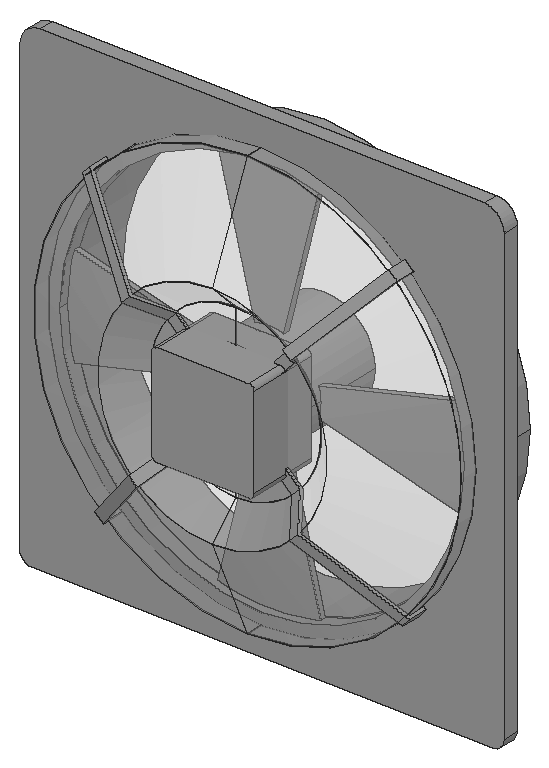
Revit family "BIMLIB_ВытяжныеОсевыеВентиляторы_Приток_AXW_SHUFT", category Воздухораспределители, Revit 2017
Family settings
  Размер круглого соединителя = Использовать диаметр
  Тип детали = Нормальный
  На основе рабочей плоскости = Нет
  Всегда вертикально = Да
  При загрузке вырезать с полостями = Нет
  Общий = Нет
  Точка расчета площади = Нет
Parameters (values of type "AXW 760-6D 0.9кВт")
  Сетка 3 = yes
  Сетка 2 = no
  Сетка 1 = no
  Повернуть УГО [instance] = yes
  Описание = "Все вентиляторы серии AXW оснащены квадратной монтажной пластиной, кроме типоразмеров 300 и 360. Детали вентиляторов стандартно окрашены в черный цвет. Двигатель с внешним ротором и встроенными термоконтактами. Рабочее колесо металлическое, установлено методом напрессовки непосредственно на ротор электродвигателя. Электродвигатель с рабочим колесом статически и динамически сбалансированы в двух плоскостях. Шариковые подшипники двигателя не требуют техобслуживания. Двигатель и клеммная коробка имеют степень защиты IP44. Регулирование скорости вентиляторов осуществляется путем изменения напряжения за счет использования пятиступенчатых трансформаторов TRE-T или однофазных плавных регуляторов скорости SRE. К одному регулятору можно подключить несколько вентиляторов при условии, что общий ток вентиляторов не превышает номинальный ток регулятора."
  Материал сетки = BIMLIB_Сетка_SHUFT
  Климатическое исполнение = "У2"  # constant formula
  Изготовитель = "ООО «Завод ВКО» марка SHUFT"  # constant formula
  r3 = D3 / 2  # 90 mm
  r2 = D2 / 2  # 361 mm
  r1 = D1 / 2  # 355 mm
  Watermark [instance] = "Модели защищены уникальным кодом"
  URL = "http://www.shuft.ru/"
  N = 315 mm
  IP Двигателя = "IP54"  # constant formula
  G = 20 mm
  F = r2 + 5 mm  # 366 mm
  E = 130 mm
  D3 = 180 mm
  D2 = 722 mm
  D1 = 710 mm
  C = 135 mm
  BL_Разработано = "support@bimlib.pro"  # constant formula
  BL_Email = "bimmodels@rusklimat.ru"  # constant formula
  BL_BIM library = "https://bimlib.pro/manufacturer/company/23829"
  B = 27 mm
  ADSK_Частота вращения вентилятора = 900
  ADSK_Ток = 1.9 A
  ADSK_Расход воздуха [instance] = 0.0 L/s
  ADSK_Размер_Диаметр = 760 mm
  ADSK_Примечание [instance] = ""
  ADSK_Потеря давления воздуха [instance] = 0.0 Pa
  ADSK_Полная мощность = ADSK_Номинальная мощность / ADSK_Коэффициент мощности  # 0.9 kW
  ADSK_Позиция = ""
  ADSK_Обозначение = ""
  ADSK_Номинальная мощность = 0.9 kW
  ADSK_Напряжение = 400 V
  ADSK_Наименование = "Вытяжной осевой вентилятор AXW 760-6D"
  ADSK_Материал = BIMLIB_Сталь_SHUFT
  ADSK_Масса = 40
  ADSK_Марка = "AXW 760-6D"
  ADSK_Коэффициент мощности = 1
  ADSK_Количество фаз = 3
  ADSK_Код изделия = ADSK_Марка  # "AXW 760-6D"
  ADSK_Классификация нагрузок = Прочее
  ADSK_Завод-изготовитель = "ООО «Завод ВКО» марка SHUFT"  # constant formula
  ADSK_Единица измерения = "шт."  # constant formula
  ADSK_Версия семейства = "v.1"  # constant formula
  ADSK_Версия Revit = "2017"  # constant formula
  ADSK_URL страницы изделия = "http://www.shuft.ru/catalog/1/200/3001/4013/"
  ADSK_URL документации изделия = "http://www.shuft.ru/upload/downloads/Rucovodstvo_AXW.pdf"
  A = 850 mm
Types (10, lengths in mm): name | Сетка 3 | Сетка 2 | Сетка 1 | r3 | r2 | r1 | N | G | F | E | D3 | D2 | D1 | C | B | ADSK_Частота вращения вентилятора | ADSK_Ток | ADSK_Размер_Диаметр | ADSK_Полная мощность | ADSK_Номинальная мощность | ADSK_Напряжение | ADSK_Наименование | ADSK_Масса | ADSK_Марка | ADSK_Количество фаз | ADSK_Код изделия | A
  AXW 200-2E | no | no | yes | 46 | 105 | 101.5 | 274.079 | 25 | 110 | 60 | 92 | 210 | 203 | 68 | 15 | 2700 | 0.25 A | 200 | 0.055 kW | 0.055 kW | 230 V | "Вытяжной осевой вентилятор AXW 200-2E" | 3.3 | "AXW 200-2E" | 1 | "AXW 200-2E" | 310
  AXW 250-2E | no | no | yes | 46 | 140 | 130 | 274.079 | 25 | 145 | 60 | 92 | 280 | 260 | 90 | 15 | 2500 | 0.42 A | 250 | 0.09 kW | 0.09 kW | 230 V | "Вытяжной осевой вентилятор AXW 250-2E" | 3.5 | "AXW 250-2E" | 1 | "AXW 250-2E" | 370
  AXW 300-2E | no | no | yes | 46 | 167.5 | 157.5 | 274.079 | 25 | 172.5 | 60 | 92 | 335 | 315 | 90 | 15 | 1530 | 0.4 A | 300 | 0.075 kW | 0.075 kW | 230 V | "Вытяжной осевой вентилятор AXW 300-2E" | 4 | "AXW 300-2E" | 1 | "AXW 300-2E" | 430
  AXW 350-4E | no | yes | no | 51 | 190 | 180 | 165 | 10 | 195 | 60 | 102 | 380 | 360 | 110 | 15 | 1370 | 0.65 A | 350 | 0.129 kW | 0.129 kW | 230 V | "Вытяжной осевой вентилятор AXW 350-4E" | 6 | "AXW 350-4E" | 1 | "AXW 350-4E" | 485
  AXW 400-4E | no | yes | no | 51 | 215 | 205 | 200 | 20 | 220 | 60 | 102 | 430 | 410 | 110 | 15 | 1350 | 0.82 A | 400 | 0.18 kW | 0.18 kW | 230 V | "Вытяжной осевой вентилятор AXW 400-4E" | 7 | "AXW 400-4E" | 1 | "AXW 400-4E" | 540
  AXW 450-4E | no | yes | no | 51 | 240 | 230 | 225 | 20 | 245 | 60 | 102 | 480 | 460 | 110 | 15 | 1380 | 1.15 A | 450 | 0.25 kW | 0.25 kW | 230 V | "Вытяжной осевой вентилятор AXW 450-4E" | 9 | "AXW 450-4E" | 1 | "AXW 450-4E" | 575
  AXW 630-4D | no | yes | no | 68.5 | 330 | 320 | 315 | 20 | 335 | 60 | 137 | 660 | 640 | 125 | 15 | 1365 | 1.6 A | 630 | 0.8 kW | 0.8 kW | 400 V | "Вытяжной осевой вентилятор AXW 630-4D" | 17 | "AXW 630-4D" | 3 | "AXW 630-4D" | 805
  AXW 760-6D 0.9кВт | yes | no | no | 90 | 361 | 355 | 315 | 20 | 366 | 130 | 180 | 722 | 710 | 135 | 27 | 900 | 1.9 A | 760 | 0.9 kW | 0.9 kW | 400 V | "Вытяжной осевой вентилятор AXW 760-6D" | 40 | "AXW 760-6D" | 3 | "AXW 760-6D" | 850
  AXW 760-6D 0.65кВТ | yes | no | no | 90 | 361 | 355 | 315 | 20 | 366 | 130 | 180 | 722 | 710 | 135 | 27 | 760 | 1.15 A | 760 | 0.65 kW | 0.65 kW | 400 V | "Вытяжной осевой вентилятор AXW 760-6D" | 40 | "AXW 760-6D" | 3 | "AXW 760-6D" | 850
  AXW 550-4D | no | yes | no | 68.5 | 292.5 | 282.5 | 274.079 | 20 | 297.5 | 60 | 137 | 585 | 565 | 115 | 15 | 1300 | 1.2 A | 550 | 0.6 kW | 0.6 kW | 400 V | "Вытяжной осевой вентилятор AXW 550-4D" | 13 | "AXW 550-4D" | 3 | "AXW 550-4D" | 725
Reference planes
  plane 1 "По центру (Вперед/Назад)": y = 0
  plane 2: z = 0
  plane 3 "По центру (Влево/Вправо)": x = 0
  plane 4: x = 425
  plane 5: x = -425
  plane 6: z = 425
  plane 7: z = -425
  plane 8: y = 27
  plane 9: y = 135
  plane 10: y = -130
  plane 11: x = -90
  plane 12: x = 90
  plane 13: z = 90
  plane 14: z = -90
  plane 15: y = -5
  plane 16: y = 37
  plane 17: y = -35
  plane 18: z = 361
  plane 19: z = 381
  plane 20: y = -115
  plane 21: y = -115
  plane 22: y = -115
  plane 23: y = -115
Forms (mm)
  Extrusion 1, solid, material "BIMLIB_Сталь_SHUFT" <- "ADSK_Материал", detail levels medium+fine
    sketch origin (0, 0, 0) x (1, 0, 0) y (0, 0, 1)
      loop
        arc (-389.609, 425) -> (-414.634, 414.634) -> (-425, 389.609) r 35.391
        line (-425, 389.609) -> (-425, -405)
        arc (-425, -405) -> (-419.142, -419.142) -> (-405, -425) r 20
        line (-405, -425) -> (405, -425)
        arc (405, -425) -> (419.142, -419.142) -> (425, -405) r 20
        line (425, -405) -> (425, 389.609)
        arc (425, 389.609) -> (414.634, 414.634) -> (389.609, 425) r 35.391
        line (389.609, 425) -> (-389.609, 425)
      loop
        circle (0, 0) r 355
    from -27 to 0
  Extrusion 2, solid, material "BIMLIB_Сталь_SHUFT" <- "ADSK_Материал", detail levels medium+fine
    sketch origin (0, 0, 0) x (1, 0, 0) y (0, 0, 1)
      loop
        circle (0, 0) r 361
      loop
        circle (0, 0) r 355
    from -135 to -27
  Extrusion 3, solid, material "BIMLIB_Сталь_SHUFT" <- "ADSK_Материал", detail levels medium+fine
    sketch origin (0, 0, 0) x (1, 0, 0) y (0, 0, 1)
      loop
        circle (0, 0) r 90
    from -135 to 5
  Extrusion 4, solid, material "BIMLIB_Сталь_SHUFT" <- "ADSK_Материал", detail levels fine
    sketch origin (0, 0, 0) x (1, 0, 0) y (0, 0, 1)
      loop
        arc (-80, 90) -> (-87.071, 87.071) -> (-90, 80) r 10
        line (-90, 80) -> (-90, -80)
        arc (-90, -80) -> (-87.071, -87.071) -> (-80, -90) r 10
        line (-80, -90) -> (80, -90)
        arc (80, -90) -> (87.071, -87.071) -> (90, -80) r 10
        line (90, -80) -> (90, 80)
        arc (90, 80) -> (87.071, 87.071) -> (80, 90) r 10
        line (80, 90) -> (-80, 90)
    from 5 to 130
  Extrusion 5, solid, material "BIMLIB_Сталь_SHUFT" <- "ADSK_Материал", visible <- "Сетка 1", detail levels fine
    sketch origin (0, 0, 0) x (0.707107, 0, 0.707107) y (-0.707107, 0, 0.707107)
      loop
        line (5, 0) -> (5, 362.962)
        arc (5, 362.962) -> (0, 367.962) -> (-5, 362.962) r 5
        line (-5, 362.962) -> (-5, 0) -> (5, 0)
      loop
        line (3.75, 1.962) -> (3.75, 362.229)
        arc (3.75, 362.229) -> (0, 365.979) -> (-3.75, 362.229) r 3.75
        line (-3.75, 362.229) -> (-3.75, 1.962) -> (3.75, 1.962)
    from 0 to 5
  Extrusion 6, solid, material "BIMLIB_Сталь_SHUFT" <- "ADSK_Материал", visible <- "Сетка 1", detail levels fine
    sketch origin (0, 0, 0) x (0.707107, 0, -0.707107) y (0.707107, 0, 0.707107)
      loop
        line (5, 0) -> (5, 362.962)
        arc (5, 362.962) -> (0, 367.962) -> (-5, 362.962) r 5
        line (-5, 362.962) -> (-5, 0) -> (5, 0)
      loop
        line (3.75, 1.962) -> (3.75, 362.229)
        arc (3.75, 362.229) -> (0, 365.979) -> (-3.75, 362.229) r 3.75
        line (-3.75, 362.229) -> (-3.75, 1.962) -> (3.75, 1.962)
    from 0 to 5
  Extrusion 7, solid, material "BIMLIB_Сталь_SHUFT" <- "ADSK_Материал", visible <- "Сетка 1", detail levels fine
    sketch origin (0, 0, 0) x (-0.707107, 0, 0.707107) y (-0.707107, 0, -0.707107)
      loop
        line (5, 0) -> (5, 362.962)
        arc (5, 362.962) -> (0, 367.962) -> (-5, 362.962) r 5
        line (-5, 362.962) -> (-5, 0) -> (5, 0)
      loop
        line (3.75, 1.962) -> (3.75, 362.229)
        arc (3.75, 362.229) -> (0, 365.979) -> (-3.75, 362.229) r 3.75
        line (-3.75, 362.229) -> (-3.75, 1.962) -> (3.75, 1.962)
    from 0 to 5
  Extrusion 8, solid, material "BIMLIB_Сталь_SHUFT" <- "ADSK_Материал", visible <- "Сетка 1", detail levels fine
    sketch origin (0, 0, 0) x (-0.707107, 0, -0.707107) y (0.707107, 0, -0.707107)
      loop
        line (5, 0) -> (5, 362.962)
        arc (5, 362.962) -> (0, 367.962) -> (-5, 362.962) r 5
        line (-5, 362.962) -> (-5, 0) -> (5, 0)
      loop
        line (3.75, 1.962) -> (3.75, 362.229)
        arc (3.75, 362.229) -> (0, 365.979) -> (-3.75, 362.229) r 3.75
        line (-3.75, 362.229) -> (-3.75, 1.962) -> (3.75, 1.962)
    from 0 to 5
  Extrusion 9, solid, material "BIMLIB_Сетка_SHUFT" <- "Материал сетки", visible <- "Сетка 1", detail levels medium+fine
    sketch origin (0, 0, 0) x (1, 0, 0) y (0, 0, 1)
      loop
        circle (0, 0) r 355
    from -4.007 to 0
  Extrusion 10, solid, material "BIMLIB_Сталь_SHUFT" <- "ADSK_Материал", visible <- "Сетка 2", detail levels fine
    sketch origin (0.91, 0, -0.91) x (0, 1, 0) y (-0.707107, 0, 0.707107)
      loop
        line (-5, 51) -> (0, 51) -> (0, 58.071) -> (-30, 88.071) -> (-30, 91) -> (-30, 351) -> (0, 351) -> (0, 366) -> (-5, 366) -> (-5, 356) -> (-35, 356) -> (-35, 86) -> (-5, 56) -> (-5, 51)
    from -10 to 10
  Extrusion 11, solid, material "BIMLIB_Сталь_SHUFT" <- "ADSK_Материал", visible <- "Сетка 2", detail levels fine
    sketch origin (0, 0, 0) x (0, 1, 0) y (-0.707107, 0, -0.707107)
      loop
        line (-5, 51) -> (0, 51) -> (0, 58.071) -> (-30, 88.071) -> (-30, 91) -> (-30, 351) -> (0, 351) -> (0, 366) -> (-5, 366) -> (-5, 356) -> (-35, 356) -> (-35, 86) -> (-5, 56) -> (-5, 51)
    from -10 to 10
  Extrusion 12, solid, material "BIMLIB_Сталь_SHUFT" <- "ADSK_Материал", visible <- "Сетка 2", detail levels fine
    sketch origin (0, 0, 0) x (0, 1, 0) y (0.707107, 0, 0.707107)
      loop
        line (-5, 51) -> (0, 51) -> (0, 58.071) -> (-30, 88.071) -> (-30, 91) -> (-30, 351) -> (0, 351) -> (0, 366) -> (-5, 366) -> (-5, 356) -> (-35, 356) -> (-35, 86) -> (-5, 56) -> (-5, 51)
    from -10 to 10
  Extrusion 13, solid, material "BIMLIB_Сталь_SHUFT" <- "ADSK_Материал", visible <- "Сетка 2", detail levels fine
    sketch origin (0, 0, 0) x (0, 1, 0) y (0.707107, 0, -0.707107)
      loop
        line (-5, 51) -> (0, 51) -> (0, 58.071) -> (-30, 88.071) -> (-30, 91) -> (-30, 351) -> (0, 351) -> (0, 366) -> (-5, 366) -> (-5, 356) -> (-35, 356) -> (-35, 86) -> (-5, 56) -> (-5, 51)
    from -10 to 10
  Revolve 14, solid, material "BIMLIB_Сетка_SHUFT" <- "Материал сетки", visible <- "Сетка 2", detail levels medium+fine
    sketch origin (0, 0, 0) x (0, 1, 0) y (0, 0, 1)
      loop
        line (-30, 381) -> (0, 381) -> (0, 382) -> (-31, 382) -> (-31, 126.657) -> (-1, 96.657) -> (-1, 90) -> (0, 90) -> (0, 97.071) -> (-30, 127.071) -> (-30, 381)
      axis (-31, 0) -> (0, 0)
    angle from 0 to 360
  Extrusion 15, solid, material "BIMLIB_Сталь_SHUFT" <- "ADSK_Материал", detail levels medium+fine
    sketch origin (0, 0, 0) x (1, 0, 0) y (0, 0, 1)
      loop
        arc (90.081, 343.381) -> (0.042, 355) -> (-90, 343.402) r 355
        line (-90, 343.402) -> (-25.667, 86.262)
        arc (-25.667, 86.262) -> (0.063, 90) -> (25.788, 86.226) r 90
        line (25.788, 86.226) -> (90.081, 343.381)
      loop
        line (90.081, -343.381) -> (25.788, -86.226)
        arc (25.788, -86.226) -> (0.063, -90) -> (-25.667, -86.262) r 90
        line (-25.667, -86.262) -> (-90, -343.402)
        arc (-90, -343.402) -> (0.042, -355) -> (90.081, -343.381) r 355
      loop
        line (-343.381, -90.081) -> (-86.226, -25.788)
        arc (-86.226, -25.788) -> (-90, -0.063) -> (-86.262, 25.667) r 90
        line (-86.262, 25.667) -> (-343.402, 90)
        arc (-343.402, 90) -> (-355, -0.042) -> (-343.381, -90.081) r 355
      loop
        arc (343.381, -90.081) -> (355, -0.042) -> (343.402, 90) r 355
        line (343.402, 90) -> (86.262, 25.667)
        arc (86.262, 25.667) -> (90, -0.063) -> (86.226, -25.788) r 90
        line (86.226, -25.788) -> (343.381, -90.081)
    from -25 to -15
  Extrusion 16, solid, material "BIMLIB_Сталь_SHUFT" <- "ADSK_Материал", visible <- "Сетка 3", detail levels fine
    sketch origin (0, 0, 0) x (0, 1, 0) y (-0.736495, 0, 0.676443)
      loop
        line (-62.293, 90) -> (-57.293, 90) -> (-57.293, 149.364) -> (-109.042, 201.113) -> (-31.743, 376) -> (0, 376) -> (0, 381) -> (-35, 381) -> (-115, 200) -> (-62.293, 147.293) -> (-62.293, 90)
    from -10 to 10
  Revolve 17, solid, material "BIMLIB_Сетка_SHUFT" <- "Материал сетки", visible <- "Сетка 3", detail levels medium+fine
    sketch origin (0, 0, 0) x (0, 1, 0) y (0, 0, 1)
      loop
        line (-57.293, 90) -> (-56.293, 90) -> (-56.293, 149.779) -> (-107.85, 201.335) -> (-31.092, 375) -> (0, 375) -> (0, 376) -> (-31.743, 376) -> (-109.042, 201.113) -> (-57.293, 149.364) -> (-57.293, 90)
      axis (-109.042, 0) -> (0, 0)
    angle from 0 to 360
  Extrusion 18, solid, material "BIMLIB_Сталь_SHUFT" <- "ADSK_Материал", visible <- "Сетка 3", detail levels fine
    sketch origin (0, 0, 0) x (0, 1, 0) y (-0.676443, 0, -0.736495)
      loop
        line (-62.293, 90) -> (-57.293, 90) -> (-57.293, 149.364) -> (-109.042, 201.113) -> (-31.743, 376) -> (0, 376) -> (0, 381) -> (-35, 381) -> (-115, 200) -> (-62.293, 147.293) -> (-62.293, 90)
    from -10 to 10
  Extrusion 19, solid, material "BIMLIB_Сталь_SHUFT" <- "ADSK_Материал", visible <- "Сетка 3", detail levels fine
    sketch origin (0, 0, 0) x (0, 1, 0) y (0.676443, 0, 0.736495)
      loop
        line (-62.293, 90) -> (-57.293, 90) -> (-57.293, 149.364) -> (-109.042, 201.113) -> (-31.743, 376) -> (0, 376) -> (0, 381) -> (-35, 381) -> (-115, 200) -> (-62.293, 147.293) -> (-62.293, 90)
    from -10 to 10
  Extrusion 20, solid, material "BIMLIB_Сталь_SHUFT" <- "ADSK_Материал", visible <- "Сетка 3", detail levels fine
    sketch origin (0, 0, 0) x (0, 1, 0) y (0.736495, 0, -0.676443)
      loop
        line (-62.293, 90) -> (-57.293, 90) -> (-57.293, 149.364) -> (-109.042, 201.113) -> (-31.743, 376) -> (0, 376) -> (0, 381) -> (-35, 381) -> (-115, 200) -> (-62.293, 147.293) -> (-62.293, 90)
    from -10 to 10
  Revolve 21, solid, material "BIMLIB_Сетка_SHUFT" <- "Материал сетки", visible <- "Сетка 3", not visible, detail levels medium+fine
    sketch origin (0, 0, 0) x (0, 1, 0) y (0, 0, 1)
      loop
        line (-57.293, 90) -> (-56.293, 90) -> (-56.293, 149.779) -> (-107.85, 201.335) -> (-31.092, 375) -> (0, 375) -> (0, 376) -> (-31.743, 376) -> (-109.042, 201.113) -> (-57.293, 149.364) -> (-57.293, 90)
      axis (-109.042, 0) -> (0, 0)
    angle from 0 to 360
Lines and regions (mm)
  model lines, detail levels coarse
    curve 1: line (-361.5, 27, 0) -> (361.5, 27, 0)
Dimensions and locks
  "A": plane 6 to plane 7
  equal spacing: plane 6, level, plane 7
  "A": plane 4 to plane 5
  equal spacing: plane 4, plane 3 "По центру (Влево/Вправо)", plane 5
  "B": plane 1 "По центру (Вперед/Назад)" to plane 8
  "C": plane 1 "По центру (Вперед/Назад)" to plane 9
  "E": plane 10 to plane 1 "По центру (Вперед/Назад)"
  "D3": plane 12 to plane 11
  equal spacing: plane 12, plane 3 "По центру (Влево/Вправо)", plane 11
  "D3": plane 13 to plane 14
  equal spacing: plane 13, level, plane 14
  plane 10 to plane 1 "По центру (Вперед/Назад)" = 130 mm
  locked: plane 15 to plane 1 "По центру (Вперед/Назад)" at 5
  Extrusion 5 sketch curve to Extrusion 5 sketch curve = 1.962 mm
  "F": Extrusion 5 sketch curve to Extrusion 5 sketch curve
  Extrusion 6 sketch curve to Extrusion 6 sketch curve = 1.962 mm
  "F": Extrusion 6 sketch curve to Extrusion 6 sketch curve
  Extrusion 7 sketch curve to Extrusion 7 sketch curve = 1.962 mm
  "F": Extrusion 7 sketch curve to Extrusion 7 sketch curve
  Extrusion 8 sketch curve to Extrusion 8 sketch curve = 1.962 mm
  "F": Extrusion 8 sketch curve to Extrusion 8 sketch curve
  locked: plane 8 to plane 16 at 10
  locked: plane 17 to plane 1 "По центру (Вперед/Назад)" at 35
  locked: plane 17 to Extrusion 10 at 5
  locked: Extrusion 10 to Extrusion 10 at 10
  locked: Extrusion 10 to Extrusion 10 at 15
  locked: Extrusion 12 to Extrusion 12 at 10
  locked: Extrusion 12 to Extrusion 12 at 15
  locked: Extrusion 13 to Extrusion 13 at 10
  locked: Extrusion 13 to Extrusion 13 at 15
  locked: Extrusion 11 to Extrusion 11 at 10
  locked: Extrusion 11 to Extrusion 11 at 15
  "r2": level to plane 18
  "G": plane 18 to plane 19
  "N": Extrusion 12 to Extrusion 12
  "N": Extrusion 10 to Extrusion 10
  "N": Extrusion 11 to Extrusion 11
  "N": Extrusion 13 to Extrusion 13
  "r1": radius of Extrusion 1 sketch curve
  "r2": radius of Extrusion 2 sketch curve
  "r1": radius of Extrusion 2 sketch curve
  "r3": radius of Extrusion 3 sketch curve
  "r1": radius of Extrusion 9 sketch curve
  aligned and locked: level to plane 2
  aligned and locked: Extrusion 1 sketch curve to plane 6
  aligned and locked: Extrusion 1 sketch curve to plane 5
  aligned and locked: plane 7 to Extrusion 1 sketch curve
  aligned and locked: Extrusion 1 sketch curve to plane 4
  aligned and locked: Extrusion 1 to plane 8
  aligned and locked: plane 1 "По центру (Вперед/Назад)" to Extrusion 1
  aligned and locked: Extrusion 2 to plane 9
  aligned and locked: plane 8 to Extrusion 2
  aligned and locked: Extrusion 2 to Extrusion 3
  aligned and locked: Extrusion 4 sketch curve to plane 13
  aligned and locked: plane 11 to Extrusion 4 sketch curve
  aligned and locked: plane 14 to Extrusion 4 sketch curve
  aligned and locked: Extrusion 4 sketch curve to plane 12
  aligned and locked: plane 10 to Extrusion 4
  aligned and locked: Extrusion 3 to Extrusion 4
  aligned and locked: Extrusion 4 to plane 15
  aligned and locked: Extrusion 5 to plane 1 "По центру (Вперед/Назад)"
  aligned and locked: Extrusion 5 to Extrusion 3
  aligned and locked: plane 15 to Extrusion 10
  aligned and locked: plane 19 to Revolve 14 sketch curve
  aligned and locked: Extrusion 15 sketch curve to Extrusion 9  (x4)
  aligned and locked: Extrusion 15 sketch curve to Extrusion 3  (x4)
  aligned and locked: curve 1 to Extrusion 2
  aligned and locked: level to nested 1
  aligned and locked: plane 16 to nested 1
Automatic sketch dimensions
  plane 11 to Extrusion 4 sketch curve = 10 mm  (x2)
  Extrusion 4 sketch curve to plane 12 = 10 mm  (x2)
  Extrusion 10 sketch curve to Extrusion 10 sketch curve = 5 mm  (x5)
  Extrusion 10 sketch curve to Extrusion 10 sketch curve = 2.071 mm  (x2)
  Extrusion 10 sketch curve to Extrusion 10 sketch curve = 30 mm
  Extrusion 10 sketch curve to Extrusion 10 sketch curve = 2.929 mm
  Extrusion 10 sketch curve to Extrusion 10 sketch curve = 260 mm
  Extrusion 10 sketch curve to Extrusion 10 sketch curve = 10 mm
  Extrusion 10 sketch curve to Extrusion 10 sketch curve = 25 mm  (x2)
  Extrusion 11 sketch curve to Extrusion 11 sketch curve = 5 mm  (x5)
  Extrusion 11 sketch curve to Extrusion 11 sketch curve = 2.071 mm  (x2)
  Extrusion 11 sketch curve to Extrusion 11 sketch curve = 30 mm
  Extrusion 11 sketch curve to Extrusion 11 sketch curve = 2.929 mm
  Extrusion 11 sketch curve to Extrusion 11 sketch curve = 260 mm
  Extrusion 11 sketch curve to Extrusion 11 sketch curve = 10 mm
  Extrusion 11 sketch curve to Extrusion 11 sketch curve = 25 mm  (x2)
  Extrusion 12 sketch curve to Extrusion 12 sketch curve = 5 mm  (x5)
  Extrusion 12 sketch curve to Extrusion 12 sketch curve = 2.071 mm  (x2)
  Extrusion 12 sketch curve to Extrusion 12 sketch curve = 30 mm
  Extrusion 12 sketch curve to Extrusion 12 sketch curve = 2.929 mm
  Extrusion 12 sketch curve to Extrusion 12 sketch curve = 260 mm
  Extrusion 12 sketch curve to Extrusion 12 sketch curve = 10 mm
  Extrusion 12 sketch curve to Extrusion 12 sketch curve = 25 mm  (x2)
  Extrusion 13 sketch curve to Extrusion 13 sketch curve = 5 mm  (x5)
  Extrusion 13 sketch curve to Extrusion 13 sketch curve = 2.071 mm  (x2)
  Extrusion 13 sketch curve to Extrusion 13 sketch curve = 30 mm
  Extrusion 13 sketch curve to Extrusion 13 sketch curve = 2.929 mm
  Extrusion 13 sketch curve to Extrusion 13 sketch curve = 260 mm
  Extrusion 13 sketch curve to Extrusion 13 sketch curve = 10 mm
  Extrusion 13 sketch curve to Extrusion 13 sketch curve = 25 mm  (x2)
  plane 17 to Extrusion 10 sketch curve = 0 mm
  plane 17 to Extrusion 11 sketch curve = 0 mm
  Extrusion 12 sketch curve to plane 17 = 0 mm
  Extrusion 13 sketch curve to plane 17 = 0 mm
  Revolve 14 sketch curve to plane 13 = 0 mm
  Revolve 14 sketch curve to plane 1 "По центру (Вперед/Назад)" = 0 mm  (x2)
  plane 1 "По центру (Вперед/Назад)" to Revolve 14 sketch curve = 1 mm
  Revolve 14 sketch curve to plane 17 = 5 mm
  Revolve 14 sketch curve to Revolve 14 sketch curve = 1 mm  (x2)
  plane 13 to Revolve 14 sketch curve = 6.657 mm
  Revolve 14 sketch curve to Revolve 14 sketch curve = 0.414 mm  (x2)
  plane 13 to Revolve 14 sketch curve = 36.657 mm
  plane 10 to Revolve 14 sketch curve = 45 mm
  plane 9 to Revolve 14 sketch curve = 25 mm
  Revolve 14 sketch curve to level = 0 mm
  Extrusion 15 sketch curve to plane 13 = 0 mm  (x2)
  Extrusion 15 sketch curve to plane 11 = 0 mm  (x2)
  Extrusion 15 sketch curve to plane 14 = 0.081 mm  (x2)
  plane 11 to Extrusion 15 sketch curve = 3.738 mm
  plane 11 to Extrusion 15 sketch curve = 3.774 mm
  plane 14 to Extrusion 15 sketch curve = 3.738 mm
  Extrusion 15 sketch curve to plane 13 = 3.738 mm
  plane 14 to Extrusion 15 sketch curve = 3.774 mm
  Extrusion 15 sketch curve to plane 13 = 3.774 mm
  Extrusion 15 sketch curve to plane 12 = 3.774 mm
  Extrusion 15 sketch curve to plane 12 = 3.738 mm
  plane 12 to Extrusion 15 sketch curve = 0.081 mm  (x2)
  Revolve 17 sketch curve to Revolve 17 sketch curve = 0.651 mm
  Revolve 17 sketch curve to Revolve 17 sketch curve = 1 mm  (x2)
  Revolve 17 sketch curve to Revolve 17 sketch curve = 1.192 mm
  Revolve 17 sketch curve to Revolve 17 sketch curve = 0.414 mm
  Revolve 17 sketch curve to Revolve 17 sketch curve = 51.748 mm
  Revolve 17 sketch curve to Revolve 17 sketch curve = 0.223 mm
  plane 20 to Extrusion 16 sketch curve = 0 mm
  Extrusion 16 sketch curve to plane 20 = 5.958 mm
  Extrusion 16 sketch curve to Extrusion 16 sketch curve = 5 mm  (x2)
  Extrusion 16 sketch curve to Extrusion 16 sketch curve = 57.293 mm
  Extrusion 16 sketch curve to Extrusion 16 sketch curve = 2.071 mm
  Extrusion 16 sketch curve to Extrusion 16 sketch curve = 52.707 mm
  Extrusion 16 sketch curve to Extrusion 16 sketch curve = 1.113 mm
  Extrusion 16 sketch curve to Extrusion 16 sketch curve = 174.887 mm
  Extrusion 16 sketch curve to plane 20 = 52.707 mm
  Extrusion 16 sketch curve to plane 20 = 80 mm
  Extrusion 16 sketch curve to Extrusion 16 sketch curve = 3.257 mm
  Extrusion 16 sketch curve to Extrusion 16 sketch curve = 31.743 mm
  plane 21 to Extrusion 18 sketch curve = 0 mm
  Extrusion 18 sketch curve to plane 21 = 5.958 mm
  Extrusion 18 sketch curve to Extrusion 18 sketch curve = 5 mm  (x2)
  Extrusion 18 sketch curve to Extrusion 18 sketch curve = 57.293 mm
  Extrusion 18 sketch curve to Extrusion 18 sketch curve = 2.071 mm
  Extrusion 18 sketch curve to Extrusion 18 sketch curve = 52.707 mm
  Extrusion 18 sketch curve to Extrusion 18 sketch curve = 1.113 mm
  Extrusion 18 sketch curve to Extrusion 18 sketch curve = 174.887 mm
  Extrusion 18 sketch curve to plane 21 = 52.707 mm
  Extrusion 18 sketch curve to plane 21 = 80 mm
  Extrusion 18 sketch curve to Extrusion 18 sketch curve = 3.257 mm
  Extrusion 18 sketch curve to Extrusion 18 sketch curve = 31.743 mm
  plane 22 to Extrusion 19 sketch curve = 0 mm
  Extrusion 19 sketch curve to plane 22 = 5.958 mm
  Extrusion 19 sketch curve to Extrusion 19 sketch curve = 5 mm  (x2)
  Extrusion 19 sketch curve to Extrusion 19 sketch curve = 57.293 mm
  Extrusion 19 sketch curve to Extrusion 19 sketch curve = 2.071 mm
  Extrusion 19 sketch curve to Extrusion 19 sketch curve = 52.707 mm
  Extrusion 19 sketch curve to Extrusion 19 sketch curve = 1.113 mm
  Extrusion 19 sketch curve to Extrusion 19 sketch curve = 174.887 mm
  Extrusion 19 sketch curve to plane 22 = 52.707 mm
  Extrusion 19 sketch curve to plane 22 = 80 mm
  Extrusion 19 sketch curve to Extrusion 19 sketch curve = 3.257 mm
  Extrusion 19 sketch curve to Extrusion 19 sketch curve = 31.743 mm
  plane 23 to Extrusion 20 sketch curve = 0 mm
  Extrusion 20 sketch curve to plane 23 = 5.958 mm
  Extrusion 20 sketch curve to Extrusion 20 sketch curve = 5 mm  (x2)
  Extrusion 20 sketch curve to Extrusion 20 sketch curve = 57.293 mm
  Extrusion 20 sketch curve to Extrusion 20 sketch curve = 2.071 mm
  Extrusion 20 sketch curve to Extrusion 20 sketch curve = 52.707 mm
  Extrusion 20 sketch curve to Extrusion 20 sketch curve = 1.113 mm
  Extrusion 20 sketch curve to Extrusion 20 sketch curve = 174.887 mm
  Extrusion 20 sketch curve to plane 23 = 52.707 mm
  Extrusion 20 sketch curve to plane 23 = 80 mm
  Extrusion 20 sketch curve to Extrusion 20 sketch curve = 3.257 mm
  Extrusion 20 sketch curve to Extrusion 20 sketch curve = 31.743 mm
  Revolve 17 sketch curve to Revolve 17 sketch curve = 50.557 mm
  Revolve 17 sketch curve to Revolve 17 sketch curve = 76.107 mm
  Revolve 17 sketch curve to Revolve 17 sketch curve = 31.092 mm
  Revolve 17 sketch curve to Revolve 17 sketch curve = 59.364 mm
  Revolve 17 sketch curve to Revolve 17 sketch curve = 173.665 mm
  Revolve 17 sketch curve to Revolve 17 sketch curve = 120 mm
  Revolve 17 sketch curve to Revolve 17 sketch curve = 224 mm
  Revolve 17 sketch curve to Revolve 17 sketch curve = 90 mm
  Revolve 21 sketch curve to Revolve 21 sketch curve = 0.651 mm
  Revolve 21 sketch curve to Revolve 21 sketch curve = 1 mm  (x2)
  Revolve 21 sketch curve to Revolve 21 sketch curve = 1.192 mm
  Revolve 21 sketch curve to Revolve 21 sketch curve = 0.414 mm
  Revolve 21 sketch curve to Revolve 21 sketch curve = 51.748 mm
  Revolve 21 sketch curve to Revolve 21 sketch curve = 0.223 mm
  Revolve 21 sketch curve to Revolve 21 sketch curve = 50.557 mm
  Revolve 21 sketch curve to Revolve 21 sketch curve = 76.107 mm
  Revolve 21 sketch curve to Revolve 21 sketch curve = 31.092 mm
  Revolve 21 sketch curve to Revolve 21 sketch curve = 59.364 mm
  Revolve 21 sketch curve to Revolve 21 sketch curve = 173.665 mm
  Revolve 21 sketch curve to Revolve 21 sketch curve = 120 mm
  Revolve 21 sketch curve to Revolve 21 sketch curve = 224 mm
  Revolve 21 sketch curve to Revolve 21 sketch curve = 90 mm
  plane 5 to curve 1 = 63.5 mm
  curve 1 to plane 4 = 63.5 mm
  Extrusion 1 sketch curve to level = 0 mm
  Extrusion 1 sketch curve to plane 3 "По центру (Влево/Вправо)" = 0 mm
  Extrusion 1 sketch curve to plane 19 = 8.609 mm  (x2)
  plane 5 to Extrusion 1 sketch curve = 20 mm
  Extrusion 1 sketch curve to plane 4 = 20 mm
  Extrusion 2 sketch curve to Extrusion 2 sketch curve = 0 mm  (x2)
  Extrusion 2 sketch curve to level = 0 mm
  Extrusion 2 sketch curve to plane 3 "По центру (Влево/Вправо)" = 0 mm
  Extrusion 3 sketch curve to level = 0 mm
  Extrusion 3 sketch curve to plane 3 "По центру (Влево/Вправо)" = 0 mm
  Extrusion 5 sketch curve to plane 3 "По центру (Влево/Вправо)" = 3.536 mm
  Extrusion 5 sketch curve to level = 3.536 mm
  Extrusion 5 sketch curve to Extrusion 5 sketch curve = 1.25 mm
  Extrusion 5 sketch curve to Extrusion 5 sketch curve = 3.75 mm
  Extrusion 5 sketch curve to Extrusion 5 sketch curve = 0 mm
  Extrusion 5 sketch curve to Extrusion 5 sketch curve = 0.732 mm
  level to Extrusion 6 sketch curve = 3.536 mm
  Extrusion 6 sketch curve to plane 3 "По центру (Влево/Вправо)" = 3.536 mm
  Extrusion 6 sketch curve to Extrusion 6 sketch curve = 1.25 mm
  Extrusion 6 sketch curve to Extrusion 6 sketch curve = 3.75 mm
  Extrusion 6 sketch curve to Extrusion 6 sketch curve = 0 mm
  Extrusion 6 sketch curve to Extrusion 6 sketch curve = 0.732 mm
  Extrusion 7 sketch curve to level = 3.536 mm
  plane 3 "По центру (Влево/Вправо)" to Extrusion 7 sketch curve = 3.536 mm
  Extrusion 7 sketch curve to Extrusion 7 sketch curve = 1.25 mm
  Extrusion 7 sketch curve to Extrusion 7 sketch curve = 3.75 mm
  Extrusion 7 sketch curve to Extrusion 7 sketch curve = 0 mm
  Extrusion 7 sketch curve to Extrusion 7 sketch curve = 0.732 mm
  plane 3 "По центру (Влево/Вправо)" to Extrusion 8 sketch curve = 3.536 mm
  level to Extrusion 8 sketch curve = 3.536 mm
  Extrusion 8 sketch curve to Extrusion 8 sketch curve = 1.25 mm
  Extrusion 8 sketch curve to Extrusion 8 sketch curve = 3.75 mm
  Extrusion 8 sketch curve to Extrusion 8 sketch curve = 0 mm
  Extrusion 8 sketch curve to Extrusion 8 sketch curve = 0.732 mm
  Extrusion 9 sketch curve to level = 0 mm
  Extrusion 9 sketch curve to plane 3 "По центру (Влево/Вправо)" = 0 mm
Nested families
  nested 1: "BIMLIB_УГО Приток_SHUFT_" at (0, -191.169, -126) x (0, -1, 0) z (0, 0, 1), УГО сверху <- "Повернуть УГО", type "BIMLIB_УГО Приток_SHUFT_"
    with Ширина/4 150 mm, Ширина 600 mm, УГО спереди no, УГО сверху yes, Длина 456.338 mm, Высота/4 63 mm, Высота УГО 3д План 126 mm, Высота 252 mm
Connectors
  hvac at (0, 27, 0), driven by "ADSK_Размер_Диаметр", driven by "ADSK_Расход воздуха", driven by "ADSK_Потеря давления воздуха"
    settings: on Extrusion 2, index 1, duct flow 0.0 L/s, flow factor 0, pres drop 0.0 Pa, loss coef 0, conn angle 0.00°, conn width 304.8 mm, conn height 304.8 mm, conn diameter 760 mm, duct sys type 1, conn prof type 0, flow config 1, flow direction 1, loss method 0, conn ref index -1, conn util no, is conn primary yes, conn desc "Воздушный коннектор"
  electrical at (0, 0, -3.848), driven by "ADSK_Количество фаз", driven by "ADSK_Напряжение", driven by "ADSK_Номинальная мощность", driven by "ADSK_Коэффициент мощности", driven by "ADSK_Классификация нагрузок"
    settings: on Extrusion 1, index 2, voltage 400 V, apparent load 0.9 kW, apparent load phase1 0 kW, apparent load phase2 0 kW, apparent load phase3 0 kW, power factor 1, load classification "Прочее", number of poles 3, system type 30, power factor state 1, is connector primary yes, connector utility no, sub classification motor no, connector description "Электрический соединитель"
Definition of nested family "BIMLIB_УГО Приток_SHUFT_"
  Parameters (values of type "BIMLIB_УГО Приток_SHUFT_")
    Ширина/4 [instance] = Ширина / 4  # 150 mm
    Ширина [instance] = 600 mm
    УГО спереди [instance] = not(УГО сверху)  # yes
    УГО сверху [instance] = no
    Высота/4 [instance] = Высота / 4  # 63 mm
    Длина [instance] = 880 mm
    Высота УГО 3д План [instance] = 126 mm
    Высота [instance] = 252 mm
  Reference planes
    plane 1 "По центру (Вперед/Назад)": y = 0
    plane 2: z = 0
    plane 3 "По центру (Влево/Вправо)": x = 0
    plane 4: x = -440
    plane 5: x = 440
    plane 6: y = 300
    plane 7: y = -300
    plane 8: z = 126
    plane 9 "УГО 3Д": z = 252
    plane 10: x = -293.333
    plane 11: x = -146.667
    plane 12: z = 189
    plane 13: z = 63
    plane 14: x = 63
    plane 15: x = 150
    plane 16: y = 150
    plane 17: y = -150
    plane 18 "УГО": z = 126
  Lines and regions (mm)
    model lines, visible <- "УГО спереди"
      curve 1: line (0, 0, 237.055) -> (0, 0, 14.945)
      curve 2: line (0, 0, 14.945) -> (184.772, 0, 126)
      curve 3: line (184.772, 0, 126) -> (0, 0, 237.055)
    model lines, visible <- "УГО сверху"
      curve 4: line (0, 150, 126) -> (184.772, 0, 126)
      curve 5: line (184.772, 0, 126) -> (0, -150, 126)
      curve 6: line (0, -150, 126) -> (0, 150, 126)
    symbolic lines, detail levels coarse
      curve 7: line (0, 0, 237.055) -> (184.772, 0, 126)
      curve 8: line (184.772, 0, 126) -> (0, 0, 14.945)
      curve 9: line (0, 0, 14.945) -> (0, 0, 237.055)
    symbolic lines
      curve 10: line (0, 150, 0) -> (186.123, 0, 0)
      curve 11: line (186.123, 0, 0) -> (0, -150, 0)
      curve 12: line (0, -150, 0) -> (0, 150, 0)
  Dimensions and locks
    equal spacing: plane 4, plane 3 "По центру (Влево/Вправо)", plane 5
    "Длина": plane 4 to plane 5
    "Ширина": plane 7 to plane 6
    equal spacing: plane 4, plane 10, plane 11, plane 3 "По центру (Влево/Вправо)"
    "Высота": plane 9 "УГО 3Д" to level
    equal spacing: plane 9 "УГО 3Д", plane 12, plane 8, plane 13, level
    "Высота/4": plane 14 to plane 3 "По центру (Влево/Вправо)"
    equal spacing: plane 6, plane 16, plane 1 "По центру (Вперед/Назад)", plane 17, plane 7
    "Ширина/4": plane 15 to plane 3 "По центру (Влево/Вправо)"
    "Ширина/4": plane 3 "По центру (Влево/Вправо)" to plane 15
    "Высота УГО 3д План": plane 18 "УГО" to level
    aligned and locked: level to plane 2
  Automatic sketch dimensions
    curve 11 to plane 3 "По центру (Влево/Вправо)" = 0 mm
    plane 1 "По центру (Вперед/Назад)" to curve 10 = 0 mm
    curve 12 to plane 17 = 0 mm
    plane 1 "По центру (Вперед/Назад)" to curve 4 = 0 mm
    curve 6 to plane 3 "По центру (Влево/Вправо)" = 0 mm
    curve 5 to plane 17 = 0 mm
    curve 12 to plane 16 = 0 mm
    plane 15 to curve 10 = 36.123 mm
    curve 6 to plane 16 = 0 mm
    plane 15 to curve 5 = 34.772 mm
    curve 1 to plane 3 "По центру (Влево/Вправо)" = 0 mm
    curve 3 to plane 8 = 0 mm
    plane 15 to curve 3 = 34.772 mm
    level to curve 8 = 14.945 mm
    curve 3 to plane 9 "УГО 3Д" = 14.945 mm
